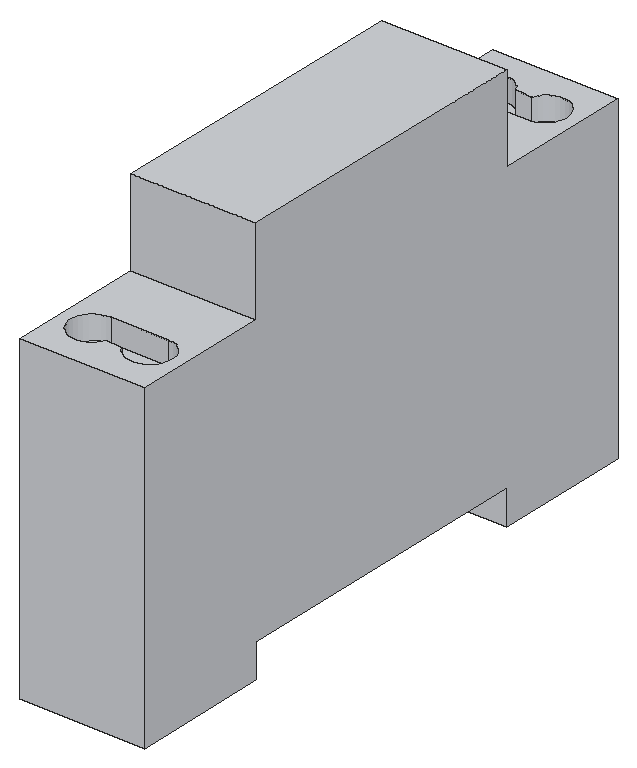
Revit family "Power-ModularDevices-GEWISS-90AM-CONTACTORS_20A_1M", category Apparecchi elettrici, host Superficie, Revit 2016
Family settings
  Host = Superficie
  Mantenere orientamento annotazione = Sì
  Tipo di parte = Normale
  Quota connettore circolare = Usa diametro
  Numero OmniClass = 23.80.30.00
  Titolo OmniClass = Distribution Devices
  Taglio con vuoti quando caricato = No
  Condiviso = No
  Punto di calcolo locali = Sì
Parameters (values of type "GWD6707 - CONTACTOR 20A 1NO+1NC 230V 1M")
  dIST sIMBOLO [instance] = 6.4 mm  # constant formula
  Version file RFA = "18.0"
  URL = "https://www.gewiss.com/ww/en"
  Technical sheet = "https://www.gewiss.com/ww/en/search?q=GWD6707"
  TEXT LABEL = "A"
  Realized by GEWISS S.p.A. = ""
  Rated current (AC-1/AC-7a) = "20 A - CTR20"
  Default Elevation = 1219.2 mm
  Produttore = "GEWISS S.p.A."
  Potenza in Watt = 0 V
  Numero poli = 1
  No. Chorus modules = "1"
  Modello = "GWD6707"
  Immagine tipo = GWD6707.jpg
  IFC.TypeObject = ""
  IFC.ExportType = ""
  IFC.ExportAs = ""
  IDT = "ec2c330b-f530-4fc0-b450-a6db8886eae5"
  IDF = "baf2400b-6567-46ca-9c69-fbc974be7a5d"
  Fin_Amperometro = none
  Electrocod = "1712                "
  EAN code = "8011564809376"
  Dist_dalla barra din [instance] = 5 mm
  Descrizione = "CONTACTOR 20A 1NO+1NC 230V 1M"
  D = 45 mm  # constant formula
  Control coil voltage (V) = "230Vac"
  Contacts = "1NO+1NC"
  Catalogue Range = "90 AM"
  Catalogue = "POWER"
  COBie.Tagnumber = ""
  COBie.CreatedOn = ""
  COBie.CreatebBy = ""
  COBie.ComponentRegisterItemID = ""
  COBie.Component.TagNumber = ""
  COBie.Component.Space = ""
  COBie.Component.SerialNumber = ""
  COBie.Component.InstallationDate = ""
  COBie.Component.Description = ""
  COBie.Component.BarCode = ""
  C = 65 mm  # constant formula
  B = 85 mm  # constant formula
  A = 9 mm  # constant formula
Types (7, lengths in mm): name | URL | Technical sheet | Produttore | Modello | Immagine tipo | IDT | EAN code | Descrizione | Control coil voltage (V) | Contacts
  (no name) | 0 | "" | "GEWISS" | "GWD6701" | GWD6701.jpg | "" | "" | "CONTATTORE 20A 1NA 230V 1M" | "" | ""
  GWD6707 - CONTACTOR 20A 1NO+1NC 230V 1M | "https://www.gewiss.com/ww/en" | "https://www.gewiss.com/ww/en/search?q=GWD6707" | "GEWISS S.p.A." | "GWD6707" | GWD6707.jpg | "ec2c330b-f530-4fc0-b450-a6db8886eae5" | "8011564809376" | "CONTACTOR 20A 1NO+1NC 230V 1M" | "230Vac" | "1NO+1NC"
  GWD6706 - CONTACTOR 20A 1NO+1NC 24V 1M | "https://www.gewiss.com/ww/en" | "https://www.gewiss.com/ww/en/search?q=GWD6706" | "GEWISS S.p.A." | "GWD6706" | GWD6706.jpg | "bd26555f-9199-4883-8cce-a3f85d01cdb2" | "8011564809369" | "CONTACTOR 20A 1NO+1NC 24V 1M" | "24Vac" | "1NO+1NC"
  GWD6705 - CONTACTOR 2NC 20A 230V 1M | "https://www.gewiss.com/ww/en" | "https://www.gewiss.com/ww/en/search?q=GWD6705" | "GEWISS S.p.A." | "GWD6705" | GWD6705.jpg | "99b2eb69-b9eb-4313-a8bd-16b48e25357f" | "8011564809352" | "CONTACTOR 2NC 20A 230V 1M" | "230Vac" | "2NC"
  GWD6703 - CONTACTOR 20A 2NO 230V 1M | "https://www.gewiss.com/ww/en" | "https://www.gewiss.com/ww/en/search?q=GWD6703" | "GEWISS S.p.A." | "GWD6703" | GWD6703.jpg | "7a878d25-6054-4514-83f5-a794a52ba01d" | "8011564809338" | "CONTACTOR 20A 2NO 230V 1M" | "230Vac" | "2NO"
  GWD6702 - CONTACTOR 20A 2NO 24V 1M | "https://www.gewiss.com/ww/en" | "https://www.gewiss.com/ww/en/search?q=GWD6702" | "GEWISS S.p.A." | "GWD6702" | GWD6702.jpg | "aa00fdc5-027a-4887-84e7-a8b6ad64d05d" | "8011564809321" | "CONTACTOR 20A 2NO 24V 1M" | "24Vac" | "2NO"
  GWD6701 - CONTACTOR 20A 1NO 230V 1M | "https://www.gewiss.com/ww/en" | "https://www.gewiss.com/ww/en/search?q=GWD6701" | "GEWISS S.p.A." | "GWD6701" | GWD6701.jpg | "d3c2fbb7-ce3d-4971-8498-3d3bac6bc73b" | "8011564809314" | "CONTACTOR 20A 1NO 230V 1M" | "230Vac" | "1NO"
Values of the unnamed type that differ from the named types
  Version file RFA = ""
  TEXT LABEL = ""
  Rated current (AC-1/AC-7a) = ""
  No. Chorus modules = ""
  IDF = ""
  Electrocod = ""
  Catalogue Range = ""
  Catalogue = ""
Reference planes
  plane 1 "Centro (Fronte/Retro)": y = 0
  plane 2: z = 0
  plane 3 "Centro (Sinistra/Destra)": x = 0
Dimensions and locks
  aligned and locked: plane 2 to host face
  aligned and locked: level to host face
  aligned and locked: plane 3 "Centro (Sinistra/Destra)" to nested 1
  aligned and locked: plane 1 "Centro (Fronte/Retro)" to nested 1
Nested families
  nested 1: "90AM CONTATTORI 20A 1M_GENERICO" at (0, 0, 0), type "90AM CONTATTORI 20A 1M_GENERICO"
Connectors
  electrical at (0, 42.5, 23.232), driven by "Numero poli"
    settings: on nested 1, index 1, voltage 230 V, apparent load 0 VA, apparent load phase1 0 VA, apparent load phase2 0 VA, apparent load phase3 0 VA, power factor 1, load classification "Altro", number of poles 1, system type 31, power factor state 1, is connector primary yes, connector utility no, sub classification motor no, connector description ""
Definition of nested family "90AM CONTATTORI 20A 1M_GENERICO"
  Parameters (values of type "90AM CONTATTORI 20A 1M_GENERICO")
    interruttore = none
    gw96003/04 = yes
    Default Elevation = 1219.2 mm
    Finitura Amperometro = none
    DIST_DALLA BARRA = 5 mm
    D = 45 mm
    C = 59 mm
    B = 85 mm
    A = 18 mm
  Reference planes
    plane 1 "Centro (Fronte/Retro)": y = 0
    plane 2: z = 0
    plane 3 "Centro (Sinistra/Destra)": x = 0
    plane 4: y = -22.5
    plane 5: y = 22.5
    plane 6: y = -32.5
    plane 7: y = 32.5
    plane 8: y = -42.5
    plane 9: y = 42.5
    plane 10 "POSIZIONAMENTO FRONTALE": z = 59
    plane 11: z = 0
    plane 12: z = 5
    plane 13 "FOROMETRIA": z = 33.929
    plane 14 "POSIZIONAMENTO 2D": z = 46.465
    plane 15: x = -9
    plane 16: x = 9
    plane 17: through (0, -1524, 57.378) normal (-0.6412, 0, 0.7674)
    plane 18: z = 43.108
    plane 19 "aaaa": y = -8.75
  Forms (mm)
    Extrusion 1, solid, material <- "Finitura Amperometro"
      sketch origin (0, 0, 5) x (0, 1, 0) y (0, 0, 1)
        loop
          line (22.5, 54) -> (-22.5, 54) -> (-22.5, 41.465) -> (-42.5, 41.465) -> (-42.5, -5) -> (-22.5, -5) -> (-22.5, 0) -> (22.5, 0) -> (22.5, -5) -> (42.5, -5) -> (42.5, 41.465) -> (22.5, 41.465) -> (22.5, 54)
      from -9 to 9
    Extrusion 2, solid, material <- "Finitura Amperometro", detail levels coarse
      sketch origin (0, 0, 33.929) x (0, -1, 0) y (1, 0, 0)
        loop
          line (-42.5, -9) -> (42.5, -9) -> (42.5, 9) -> (-42.5, 9) -> (-42.5, -9)
      from -28.929 to 25.071
    Extrusion 3, solid, material <- "Finitura Amperometro", detail levels coarse
      sketch origin (0, 0, 0) x (0, 1, 0) y (0, 0, 1)
        loop
          line (-3.75, 57.378) -> (3.75, 57.378) -> (3.75, 59) -> (-3.75, 59) -> (-3.75, 57.378)
      from -4.396 to 4.396
    Extrusion 4, void
      sketch origin (0, 0, 46.465) x (0, -1, 0) y (1, 0, 0)
        loop
          arc (36.875, 1.18) -> (37.246, 6.866) -> (32.25, 4.125) r 3.25
          line (32.25, 4.125) -> (32.25, -4.125)
          arc (32.25, -4.125) -> (37.246, -6.866) -> (36.875, -1.18) r 3.25
          line (36.875, -1.18) -> (36.875, 1.18)
      from -3.357 to 0
    Extrusion 5, void
      sketch origin (0, 0, 46.465) x (0, -1, 0) y (1, 0, 0)
        loop
          arc (-32.25, 4.125) -> (-37.246, 6.866) -> (-36.875, 1.18) r 3.25
          line (-36.875, 1.18) -> (-36.875, -1.18)
          arc (-36.875, -1.18) -> (-37.246, -6.866) -> (-32.25, -4.125) r 3.25
          line (-32.25, -4.125) -> (-32.25, 4.125)
      from -3.357 to 0
  Cuts and joins
    Extrusion 4, Extrusion 5 cuts Extrusion 2
    Extrusion 4, Extrusion 5 cuts Extrusion 3
    joined: Extrusion 2, Extrusion 3
    Extrusion 4, Extrusion 5 cuts Extrusion 1
  Lines and regions (mm)
    model lines
      curve 1: circle (0, -28, 46.465) r 2.5 normal (0, 0, 1)
      curve 2: circle (0, 28, 46.465) r 2.5 normal (0, 0, 1)
      curve 3: line (-9, 22.5, 46.465) -> (9, 22.5, 46.465)
      curve 4: line (9, -42.5, 46.465) -> (9, -22.5, 46.465)
      curve 5: line (9, 42.5, 46.465) -> (-9, 42.5, 46.465)
      curve 6: line (-9, 42.5, 46.465) -> (-9, 22.5, 46.465)
      curve 7: line (-9, -42.5, 46.465) -> (9, -42.5, 46.465)
      curve 8: line (-9, -22.5, 46.465) -> (9, -22.5, 46.465)
      curve 9: line (-9, -22.5, 46.465) -> (-9, -42.5, 46.465)
      curve 10: line (9, 22.5, 46.465) -> (9, 42.5, 46.465)
    model lines, not visible
      curve 11: circle (49.559, -27.168, 46.465) r 2.5 normal (0, 0, 1)
      curve 12: circle (49.559, 28.832, 46.465) r 2.5 normal (0, 0, 1)
      curve 13: line (40.559, 23.332, 46.465) -> (58.559, 23.332, 46.465)
      curve 14: line (58.559, -41.668, 46.465) -> (58.559, -21.668, 46.465)
      curve 15: line (58.559, 43.332, 46.465) -> (40.559, 43.332, 46.465)
      curve 16: line (40.559, 43.332, 46.465) -> (40.559, 23.332, 46.465)
      curve 17: line (40.559, -41.668, 46.465) -> (58.559, -41.668, 46.465)
      curve 18: line (40.559, -21.668, 46.465) -> (58.559, -21.668, 46.465)
      curve 19: line (40.559, -21.668, 46.465) -> (40.559, -41.668, 46.465)
      curve 20: line (58.559, 23.332, 46.465) -> (58.559, 43.332, 46.465)
    model lines, detail levels medium+fine
      curve 21: line (8.8, 3.114, 59) -> (0.25, 3.114, 59)
      curve 22: line (0.25, 3.114, 59) -> (0.25, 7.77, 59)
      curve 23: line (9, 7.77, 59) -> (-9, 7.77, 59)
      curve 24: line (9, -22.5, 59) -> (9, -3.002, 59)
      curve 25: line (-9, 21.998, 59) -> (-9, -0.307, 59)
      curve 26: line (-9, -22.5, 59) -> (9, -22.5, 59)
      curve 27: line (-9, -0.307, 59) -> (-9, -22.5, 59)
      curve 28: line (9, -3.002, 59) -> (9, 21.998, 59)
    model lines, not visible, detail levels medium+fine
      curve 29: line (57.253, -1.182, 59) -> (48.703, -1.182, 59)
      curve 30: line (48.703, -1.182, 59) -> (48.703, 3.473, 59)
      curve 31: line (57.453, 3.473, 59) -> (39.453, 3.473, 59)
      curve 32: line (57.453, -26.796, 59) -> (57.453, -7.298, 59)
      curve 33: line (39.453, 17.702, 59) -> (39.453, -4.603, 59)
      curve 34: line (39.453, -26.796, 59) -> (57.453, -26.796, 59)
      curve 35: line (39.453, -4.603, 59) -> (39.453, -26.796, 59)
      curve 36: line (57.453, -7.298, 59) -> (57.453, 17.702, 59)
  Dimensions and locks
    equal spacing: plane 4, plane 1 "Centro (Fronte/Retro)", plane 5
    "D": plane 4 to plane 5
    "C": plane 11 to plane 10 "POSIZIONAMENTO FRONTALE"
    locked: plane 11 to plane 12 at 5
    "B": plane 8 to plane 9
    equal spacing: plane 8, plane 1 "Centro (Fronte/Retro)", plane 9
    plane 12 to plane 13 "FOROMETRIA" = 28.929 mm
    equal spacing: plane 10 "POSIZIONAMENTO FRONTALE", plane 14 "POSIZIONAMENTO 2D", plane 13 "FOROMETRIA"
    locked: plane 6 to plane 4 at 10
    locked: plane 5 to plane 7 at 10
    equal spacing: plane 15, plane 3 "Centro (Sinistra/Destra)", plane 16
    "A": plane 15 to plane 16
    "DIST_DALLA BARRA": plane 2 to plane 12
    plane 8 to plane 6 = 10 mm
    locked: plane 14 "POSIZIONAMENTO 2D" to plane 18 at 3.357
    aligned and locked: level to plane 2
    aligned and locked: plane 4 to Extrusion 1 sketch curve
    aligned and locked: plane 5 to Extrusion 1 sketch curve
    aligned and locked: plane 8 to Extrusion 1 sketch curve
    aligned and locked: plane 9 to Extrusion 1 sketch curve
    aligned and locked: plane 12 to Extrusion 1 sketch curve
    aligned and locked: plane 11 to Extrusion 1 sketch curve  (x2)
    aligned and locked: plane 14 "POSIZIONAMENTO 2D" to Extrusion 1 sketch curve
    aligned and locked: Extrusion 1 sketch curve to plane 14 "POSIZIONAMENTO 2D"
    aligned and locked: plane 15 to Extrusion 1
    aligned and locked: Extrusion 1 to plane 16
    aligned and locked: plane 16 to Extrusion 2 sketch curve
    aligned and locked: plane 9 to Extrusion 2 sketch curve
    aligned and locked: Extrusion 2 sketch curve to plane 15
    aligned and locked: Extrusion 2 sketch curve to plane 8
    aligned and locked: Extrusion 2 to plane 10 "POSIZIONAMENTO FRONTALE"
    aligned and locked: plane 12 to Extrusion 2
    aligned and locked: Extrusion 4 to plane 18
    aligned and locked: plane 14 "POSIZIONAMENTO 2D" to cut or joined group of Extrusion 2, Extrusion 3, Extrusion 4, Extrusion 5  (x2)
    aligned and locked: Extrusion 4 to Extrusion 5
    aligned and locked: Extrusion 1 sketch curve to plane 10 "POSIZIONAMENTO FRONTALE"
    aligned and locked: plane 15 to curve 9
    aligned and locked: plane 4 to curve 26
  Automatic sketch dimensions
    plane 10 "POSIZIONAMENTO FRONTALE" to Extrusion 3 sketch curve = 0 mm
    Extrusion 3 sketch curve to plane 1 "Centro (Fronte/Retro)" = 3.75 mm
    plane 1 "Centro (Fronte/Retro)" to Extrusion 3 sketch curve = 3.75 mm
    plane 10 "POSIZIONAMENTO FRONTALE" to Extrusion 3 sketch curve = 1.622 mm
    Extrusion 4 sketch curve to plane 6 = 0.25 mm
    plane 6 to Extrusion 4 sketch curve = 3 mm  (x2)
    Extrusion 4 sketch curve to plane 3 "Centro (Sinistra/Destra)" = 1.18 mm
    Extrusion 4 sketch curve to Extrusion 4 sketch curve = 1.375 mm
    plane 3 "Centro (Sinistra/Destra)" to Extrusion 4 sketch curve = 1.18 mm
    plane 3 "Centro (Sinistra/Destra)" to Extrusion 5 sketch curve = 1.18 mm
    Extrusion 5 sketch curve to plane 7 = 4.375 mm
    Extrusion 5 sketch curve to plane 7 = 3 mm  (x2)
    plane 7 to Extrusion 5 sketch curve = 0.25 mm
    Extrusion 5 sketch curve to plane 3 "Centro (Sinistra/Destra)" = 1.18 mm
    curve 25 to curve 21 = 9.25 mm
    curve 26 to curve 24 = 18 mm
    curve 24 to curve 24 = 19.498 mm
    curve 24 to curve 27 = 2.695 mm
    curve 25 to curve 21 = 3.421 mm
    curve 33 to curve 29 = 9.25 mm
    curve 34 to curve 32 = 18 mm
    curve 32 to curve 32 = 19.498 mm
    curve 32 to curve 35 = 2.695 mm
    curve 33 to curve 29 = 3.421 mm
    curve 3 to curve 8 = 45 mm
    curve 4 to curve 1 = 5.5 mm
    curve 9 to curve 3 = 0 mm
    curve 1 to curve 9 = 14.5 mm
    curve 8 to curve 1 = 9 mm
    curve 1 to curve 7 = 9 mm
    curve 2 to curve 3 = 5.5 mm
    curve 5 to curve 2 = 14.5 mm
    curve 3 to curve 2 = 9 mm
    curve 2 to curve 3 = 9 mm
    curve 13 to curve 18 = 45 mm
    curve 14 to curve 11 = 5.5 mm
    curve 19 to curve 13 = 0 mm
    curve 11 to curve 19 = 14.5 mm
    curve 18 to curve 11 = 9 mm
    curve 11 to curve 17 = 9 mm
    curve 12 to curve 13 = 5.5 mm
    curve 15 to curve 12 = 14.5 mm
    curve 13 to curve 12 = 9 mm
    curve 12 to curve 13 = 9 mm
    Extrusion 1 sketch curve to plane 4 = 0 mm
    Extrusion 1 sketch curve to plane 5 = 0 mm
    curve 21 to curve 23 = 4.655 mm
    curve 21 to curve 23 = 0.2 mm
    curve 23 to curve 25 = 14.229 mm
    curve 23 to curve 28 = 14.229 mm
    curve 29 to curve 31 = 4.655 mm
    curve 29 to curve 31 = 0.2 mm
    curve 31 to curve 33 = 14.229 mm
    curve 31 to curve 36 = 14.229 mm
    radius of curve 1 = 2.5 mm
    radius of curve 2 = 2.5 mm
    radius of curve 11 = 2.5 mm
    radius of curve 12 = 2.5 mm
